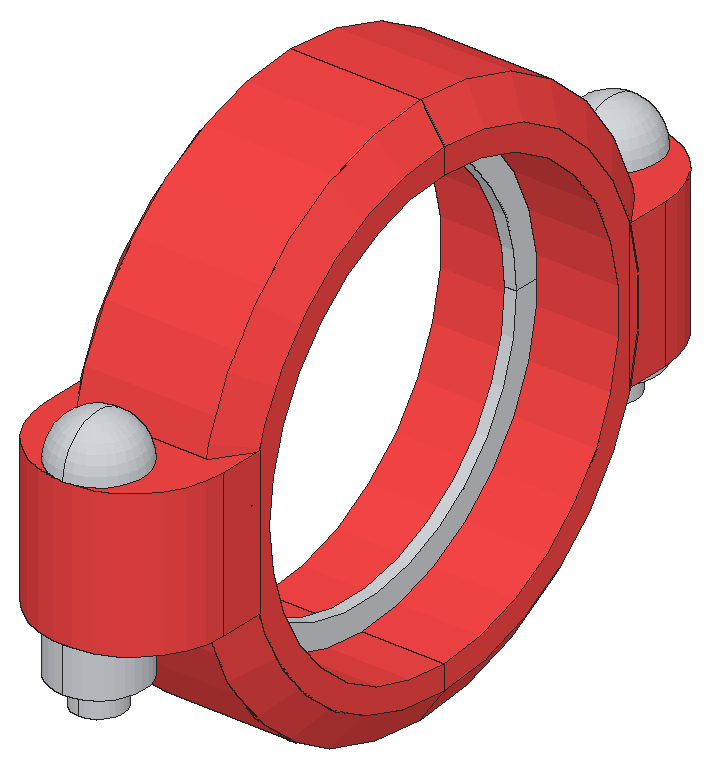
Revit family "G-Fire_Coupling_Grv_Fig.577_Imperial", category Pipe Fittings, Revit 2018
Family settings
  Round Connector Dimension = Use Radius
  Part Type = Flange
  OmniClass Number = 23.60.30.11.14
  OmniClass Title = Pipework Fittings
  Work Plane-Based = No
  Always vertical = Yes
  Cut with Voids When Loaded = No
  Shared = Yes
Parameters (values of type "G-Fire_Coupling_Grv_Fig.577_Red3000")
  URL = "www.tyco-fire.com"
  Technical Data Sheet No = "TFP1854"
  Tag Number [instance] = ""
  Symbol Length [instance] = Pipe NR / 4  # 0' - 0 1/2"
  Symbol Height [instance] = Pipe ND / 2  # 0' - 2"
  Product Name = "G-FIRE Figure 577\r\nG-FIRE Figure 577\r\nGrooved Rigid Coupling"
  Pipe OR [instance] = Pipe OD / 2  # 0' - 2 1/4"
  Pipe OD [instance] = size_lookup(Lookup Table Name, "OD", Pipe ND + 0' 0.12598", Pipe ND)  # 0' - 4 1/2"
  Pipe NR [instance] = Pipe ND / 2  # 0' - 2"
  Pipe ND [instance] = 0' - 4"
  PartNumber [instance] = size_lookup(Lookup Table Name, "", "NA", Pipe ND, GValue)  # "577-04"
  PNS [instance] = if(Tri_Seal, 0' 0.01969", 0' 0")  # 0' - 0"
  PNE [instance] = if(GasketGradeE, 0' 0", 0' 0")  # 0' - 0"
  Model = "Fig.577"
  Meterial = Ductile iron ASTM A536
  Finish = Tyco - Red RAL3000
  End Gap [instance] = 0' - 0 1/8"
  Manufacturer = "Tyco"
  Loss Method = Not Defined
  Lookup Table Name = "Coupling-Tyco-577"
  Insertion Point [instance] = 0' - 0"
  Inner Radius [instance] = A / 2 - 0' 0 5/8"  # 0' - 2.225"
  HaftC [instance] = C / 2  # 0' - 0.915"
  Tri_Seal [instance] = no
  GasketGradeE [instance] = yes
  GValue [instance] = PNE + PNS  # 0' - 0"
  Fitting Size [instance] = if(and(Pipe ND = 0' 0.98425"), "25", if(and(Pipe ND = 0' 1.25984"), "32", if(and(Pipe ND = 0' 1.5748"), "40", if(and(Pipe ND = 0' 1.9685"), "50", if(and(Pipe ND = 0' 2.55906"), "65", if(and(Pipe ND = 0' 3.14961"), "80", if(and(Pipe ND = 0' 3.93701"), "100", if(and(Pipe ND = 0' 4.92126"), "125", if(and(Pipe ND = 0' 5.90551"), "150", if(and(Pipe ND = 0' 7.87402"), "200", if(and(Pipe ND = 0' 9.84252"), "250", if(and(Pipe ND = 0' 11.81102"), "300", if(and(Pipe ND = 0' 1"), "1", if(and(Pipe ND = 0' 1.25197"), "1.25", if(and(Pipe ND = 0' 1 1/2"), "1.5", if(and(Pipe ND = 0' 2"), "2", if(and(Pipe ND = 0' 2 1/2"), "2.5", if(and(Pipe ND = 0' 3"), "3", if(and(Pipe ND = 0' 4"), "4", if(and(Pipe ND = 0' 5"), "5", if(and(Pipe ND = 0' 6"), "6", if(and(Pipe ND = 0' 8"), "8", if(and(Pipe ND = 0' 10"), "10", if(and(Pipe ND = 1' 0"), "12", "NA"))))))))))))))))))))))))  # "4"
  Fitting Description [instance] = "Rigid Coupling"
  Description = "Grooved Rigid Coupling"
  Coating = Tyco - Red RAL3000
  INC [instance] = Insertion Point - (C / 2)  # -0' - 0.915"
  COBie.Type.WarrantyGuarantorParts = "http://tycofsbp.com/TFPPTerms_of_Sale/TFPPTerms_of_Sale.pdf"
  COBie.Type.WarrantyGuarantorLabor = "n/a"
  COBie.Type.WarrantyDurationUnit = "year"
  COBie.Type.WarrantyDurationParts = "n/a"
  COBie.Type.WarrantyDurationLabor = "n/a"
  COBie.Type.WarrantyDescription = "n/a"
  COBie.Type.SustainabilityPerformance = "n/a"
  COBie.Type.Size [instance] = Fitting Size  # "4"
  COBie.Type.Shape = "n/a"
  COBie.Type.ReplacementCost = 0
  COBie.Type.NominalWidth = 0' - 0"
  COBie.Type.NominalLength = 0' - 0"
  COBie.Type.NominalHeight = 0' - 0"
  COBie.Type.ModelReference = "Grv Coupling (Gpf)"
  COBie.Type.ModelNumber [instance] = PartNumber  # "577-04"
  COBie.Type.Material = "Ductile Iron"
  COBie.Type.Manufacturer = "Tyco Fire Protection Products"
  COBie.Type.Grade = "n/a"
  COBie.Type.Finish = "n/a"
  COBie.Type.Features = "n/a"
  COBie.Type.ExpectedLife = "n/a"
  COBie.Type.DurationUnit = "year"
  COBie.Type.Constituents = "n/a"
  COBie.Type.Colour = "n/a"
  COBie.Type.CodePerformance = "n/a"
  COBie.Type.Category = "Pr_65_52_63_11:Fittings"
  COBie.Type.AssetType = "Fixed"
  COBie.Type.AccessibilityPerformance = "n/a"
  COBie.Type = yes
  COBie.CreatedOn [instance] = ""
  COBie.CreatedBy [instance] = "Johnsnow Controls RFA Builder v5.1.7.75"
  COBie.Component.WarrantyStartDate [instance] = "1900-12-31T23:59:59"
  COBie.Component.TagNumber [instance] = "n/a"
  COBie.Component.SerialNumber [instance] = "n/a"
  COBie.Component.Name [instance] = "Fittings:Grooved Coupling"
  COBie.Component.InstallationDate [instance] = "1900-12-31T23:59:59"
  COBie.Component.Description [instance] = "Grv Coupling (Gpf)"
  COBie.Component.BarCode [instance] = "n/a"
  COBie.Component.AssetIdentifier [instance] = "n/a"
  COBie = yes
  C [instance] = size_lookup(Lookup Table Name, "C", 0' 2 1/2", Pipe ND)  # 0' - 1.83"
  BoltType = yes
  BoltDepth2 [instance] = if(and(Pipe ND = 0' 1.9685"), 0' 3.62598", if(and(Pipe ND = 0' 2.55906"), 0' 3.62598", if(and(Pipe ND = 0' 3.14961"), 0' 3.62598", if(and(Pipe ND = 0' 3.93701"), 0' 3.62598", if(and(Pipe ND = 0' 4.92126"), 0' 4 1/2", if(and(Pipe ND = 0' 5.90551"), 0' 4 1/2", if(and(Pipe ND = 0' 7.87402"), 0' 4 1/2", if(and(Pipe ND = 0' 2"), 0' 3.62598", if(and(Pipe ND = 0' 2 1/2"), 0' 3.62598", if(and(Pipe ND = 0' 3"), 0' 3.62598", if(and(Pipe ND = 0' 4"), 0' 3.62598", if(and(Pipe ND = 0' 5"), 0' 4 1/2", if(and(Pipe ND = 0' 6"), 0' 4 1/2", if(and(Pipe ND = 0' 8"), 0' 4 1/2", BoltDepth1))))))))))))))  # 0' - 3.62598"
  BoltDepth1 [instance] = if(and(Pipe ND = 0' 0.98425"), 0' 2.25197", if(and(Pipe ND = 0' 1.25984"), 0' 2.25197", if(and(Pipe ND = 0' 1.5748"), 0' 2.25197", if(and(Pipe ND = 0' 1.9685"), 0' 2.25197", if(and(Pipe ND = 0' 2.55906"), 0' 2.25197", if(and(Pipe ND = 0' 3.14961"), 0' 2.25197", if(and(Pipe ND = 0' 3.93701"), 0' 2.25197", if(and(Pipe ND = 0' 4.92126"), 0' 3.25197", if(and(Pipe ND = 0' 5.90551"), 0' 3.25197", if(and(Pipe ND = 0' 7.87402"), 0' 4", if(and(Pipe ND = 0' 9.84252"), 0' 6 1/2", if(and(Pipe ND = 0' 11.81102"), 0' 6 1/2", if(and(Pipe ND = 1' 1.77953"), 0' 5 1/2", if(and(Pipe ND = 1' 3.74803"), 0' 5 1/2", if(and(Pipe ND = 1' 5.71654"), 0' 5 1/2", if(and(Pipe ND = 1' 7.68504"), 0' 5.75197", if(and(Pipe ND = 1' 11.62205"), 0' 5.75197", if(and(Pipe ND = 0' 1"), 0' 2.25197", if(and(Pipe ND = 0' 1.25197"), 0' 2.25197", if(and(Pipe ND = 0' 1 1/2"), 0' 2.25197", if(and(Pipe ND = 0' 2"), 0' 2.25197", if(and(Pipe ND = 0' 2 1/2"), 0' 2.25197", if(and(Pipe ND = 0' 3"), 0' 2.25197", if(and(Pipe ND = 0' 4"), 0' 2.25197", if(and(Pipe ND = 0' 5"), 0' 3.25197", if(and(Pipe ND = 0' 6"), 0' 3.25197", if(and(Pipe ND = 0' 8"), 0' 4", if(and(Pipe ND = 0' 10"), 0' 6 1/2", if(and(Pipe ND = 1' 0"), 0' 6 1/2", if(and(Pipe ND = 1' 2"), 0' 5 1/2", if(and(Pipe ND = 1' 4"), 0' 5 1/2", if(and(Pipe ND = 1' 6"), 0' 5 1/2", if(and(Pipe ND = 1' 8"), 0' 5.75197", if(and(Pipe ND = 2' 0"), 0' 5.75197", 0' 6"))))))))))))))))))))))))))))))))))  # 0' - 2.25197"
  Bolt Radius [instance] = if(Pipe ND > 1' 5.71654", 0' 0.56299", if(Pipe ND > 0' 11.81102", 0' 0 1/2", if(Pipe ND > 0' 7.87402", 0' 0.37402", if(Pipe ND > 0' 5.90551", 0' 0.27165", if(Pipe ND > 0' 3.93701", 0' 0.25197", if(Pipe ND > 0' 0.7874", 0' 0.18898", 0' 0 1/2"))))))  # 0' - 0.25197"
  Bolt Pad Depth [instance] = if(and(Pipe ND = 0' 1 1/4"), 0' 1 1/2", if(and(Pipe ND = 0' 1 67/256"), 0' 1 1/2", if(and(Pipe ND = 0' 1 147/256"), 0' 1 1/2", if(and(Pipe ND = 0' 1 31/32"), 0' 1 1/2", if(and(Pipe ND = 0' 2 143/256"), 0' 1 1/2", if(and(Pipe ND = 0' 3 19/128"), 0' 1 1/2", if(and(Pipe ND = 0' 3 15/16"), 0' 1 1/2", if(and(Pipe ND = 0' 4 59/64"), 0' 1 193/256", if(and(Pipe ND = 0' 5 29/32"), 0' 2", if(and(Pipe ND = 0' 7 7/8"), 0' 2", if(and(Pipe ND = 0' 9 27/32"), 0' 3", if(and(Pipe ND = 0' 11 13/16"), 0' 3", if(and(Pipe ND = 1' 1 25/32"), 0' 3", if(and(Pipe ND = 0' 1"), 0' 1 1/2", if(and(Pipe ND = 0' 1 65/256"), 0' 1 1/2", if(and(Pipe ND = 0' 1 1/2"), 0' 1 1/2", if(and(Pipe ND = 0' 2"), 0' 1 1/2", if(and(Pipe ND = 0' 2 1/2"), 0' 1 1/2", if(and(Pipe ND = 0' 3"), 0' 1 1/2", if(and(Pipe ND = 0' 4"), 0' 1 1/2", if(and(Pipe ND = 0' 5"), 0' 1 193/256", if(and(Pipe ND = 0' 6"), 0' 2", if(and(Pipe ND = 0' 8"), 0' 3", if(and(Pipe ND = 0' 10"), 0' 3", if(and(Pipe ND = 1' 0"), 0' 3", if(and(Pipe ND = 1' 2"), 0' 3", 0' 4 1/2"))))))))))))))))))))))))))  # 0' - 1 1/2"
  Bolt L [instance] = size_lookup(Lookup Table Name, "Bolt", 0' 5.94488", Pipe ND)  # 0' - 2.24409"
  Bolt Depth [instance] = if(BoltType, BoltDepth1, BoltDepth2)  # 0' - 2.25197"
  B [instance] = size_lookup(Lookup Table Name, "B", Pipe ND + 0' 4", Pipe ND)  # 0' - 7 1/2"
  Assembly Code = ""
  A/2 [instance] = A / 2  # 0' - 2.85"
  A [instance] = size_lookup(Lookup Table Name, "A", Pipe ND + 0' 1 1/2", Pipe ND)  # 0' - 5.7"
Types (3): name | Finish | GasketGradeE | Coating
  G-Fire_Coupling_Grv_Fig.577_Red3000 | Tyco - Red RAL3000 | yes | Tyco - Red RAL3000
  G-Fire_Coupling_Grv_Fig.577_Galvanized | Tyco - Galvanized | yes | Tyco - Galvanized
  G-Fire_Coupling_Grv_Fig.577_Orange | Tyco - Orange Paint | no | Tyco - Orange Paint
Reference planes (in)
  plane 1 "Center (Front/Back)": y = 0
  plane 2: z = 0
  plane 3 "Center (Left/Right)": x = 35.96875
  plane 4: y = 1
  plane 5: y = -1
  plane 6: z = 2.85
  plane 7: z = 2.25
  plane 8: x = 35.05375
  plane 9: x = 36.88375
  plane 10: z = 2.375
  plane 11: x = 35.30375
  plane 12: x = 36.63375
  plane 13: z = 2.5
  plane 14: x = 35.90625
  plane 15: x = 36.03125
  plane 16: y = 2
Forms (in)
  Revolve 1, solid, material "Tyco - Red RAL3000" <- "Finish", detail levels fine
    sketch origin (0, 0, 0) x (1, 0, 0) y (0, 0, 1)
      loop
        line (35.05375, 2.25) -> (36.88375, 2.25) -> (36.88375, 2.5) -> (36.63804, 2.85) -> (35.30375, 2.85) -> (35.05375, 2.5) -> (35.05375, 2.25)
      axis (35.05375, 0) -> (36.88375, 0)
    angle from 0 to 360
  Revolve 2, void
    sketch origin (0, 0, 0) x (1, 0, 0) y (0, 0, 1)
      loop
        line (35.30375, 2.375) -> (35.30375, 2.25) -> (36.63375, 2.25) -> (36.63375, 2.375) -> (35.30375, 2.375)
      axis (35.30375, 0) -> (36.63375, 0)
    angle from 0 to 360
  Revolve 3, solid, detail levels fine
    sketch origin (0, 0, 0) x (1, 0, 0) y (0, 1, 0)
      loop
        line (35.90625, 2) -> (36.03125, 2) -> (36.03125, 2.375) -> (35.90625, 2.375) -> (35.90625, 2)
      axis (36.03125, 0) -> (35.90625, 0)
    angle from 0 to 360
Dimensions and locks (in)
  equal spacing: plane 4, plane 1 "Center (Front/Back)", plane 5
  "Symbol Height": plane 4 to plane 5
  "A/2": plane 6 to level
  "Pipe OR": plane 7 to level
  "C": plane 9 to plane 8
  locked: plane 11 to plane 8 at 0.25
  locked: plane 9 to plane 12 at 0.25
  locked: plane 13 to plane 10 at 0.125
  equal spacing: plane 14, plane 3 "Center (Left/Right)", plane 15
  "End Gap": plane 14 to plane 15
  "Pipe NR": plane 1 "Center (Front/Back)" to plane 16
  "HaftC": plane 3 "Center (Left/Right)" to plane 8
  locked: plane 10 to plane 7 at 0.125
  nested 1 to nested 1 = 0' - 2.24409"
  aligned and locked: Revolve 1 sketch curve to plane 6  (x2)
  aligned and locked: plane 9 to Revolve 1 sketch curve
  aligned and locked: Revolve 1 sketch curve to plane 8
  aligned and locked: Revolve 1 sketch curve to plane 13
  aligned and locked: Revolve 1 sketch curve to plane 2
  aligned and locked: Revolve 2 sketch curve to plane 10
  aligned and locked: Revolve 2 sketch curve to plane 7
  aligned and locked: plane 11 to Revolve 2 sketch curve
  aligned and locked: Revolve 2 sketch curve to plane 12
  aligned and locked: Revolve 2 sketch curve to level
  aligned and locked: level to nested 1
  aligned and locked: nested 1 to plane 1 "Center (Front/Back)"
  aligned and locked: nested 2 to level
  aligned and locked: nested 2 to plane 1 "Center (Front/Back)"
  aligned and locked: plane 16 to Revolve 3 sketch curve
  aligned and locked: plane 15 to Revolve 3 sketch curve
  aligned and locked: Revolve 3 sketch curve to plane 14
  aligned and locked: Revolve 3 sketch curve to nested 1
  aligned and locked: Revolve 3 sketch curve to plane 1 "Center (Front/Back)"
Automatic sketch dimensions
  Revolve 2 sketch curve to plane 9 = 5' - 3.91182"
  Revolve 2 sketch curve to plane 8 = 7' - 10.92259"
  Revolve 3 sketch curve to plane 8 = 7' - 10 129/256"
  Revolve 3 sketch curve to plane 9 = 1' - 10 145/256"
  Revolve 1 sketch curve to plane 11 = 0' - 0"
  Revolve 1 sketch curve to plane 7 = 0' - 0"
  Revolve 1 sketch curve to plane 13 = 0' - 0"
  plane 12 to Revolve 1 sketch curve = 0' - 0.00429"
  Revolve 1 sketch curve to plane 8 = 7' - 10 129/256"
  Revolve 1 sketch curve to plane 9 = 5' - 3.91182"
Nested families (in)
  nested 1: "Coupling_Bolt_Pad" at (49.81388, 12.03125, 0) x (0, 1, 0) z (0, 0, 1), Point <- "Insertion Point", Pipe OD <- "Pipe OD", Pipe ND <- "Pipe ND", C <- "C", Bolt Pad Depth <- "Bolt Pad Depth", Bolt Depth <- "BoltDepth1", B <- "B", A <- "A", Bolt Size <- "Bolt Radius", Coating <- "Finish", Bolt L <- "Bolt L", type "772-Rigid Coupling", detail levels fine
    with X2 0' - 3 3/4", X 0' - 1 3/8", Symbol Length 0' - 0 1/2", Symbol Height 0' - 2", Point 0' - 0", Pipe OR 0' - 2 1/4", Pipe OD 0' - 4 1/2", Pipe NR 0' - 2", Pipe ND 0' - 4", PADX2 0' - 2.275", PADX1 0' - 1 3/8", PADX 0' - 2 3/8", PAD1 0' - 1.50197", PAD 0' - 0 3/4", NandBY1 0' - 0.4575", Max End Gap 0' - 0 1/8", Insertion Point 0' - 2 3/8", Inner Radius 0' - 2.225", HaftC 0' - 0.915", Coating Tyco - Red RAL3000, C 0' - 1.83", Bolt Size 0' - 0.25197", Bolt Pad Depth 0' - 1 1/2", Bolt L 0' - 2.24409", Bolt Depth 0' - 2.25197", B 0' - 7 1/2", A/2 0' - 2.85", A 0' - 5.7"
  nested 2: "Coupling_Bolt_Pad" at (49.81388, -12.03125, 0) x (0, -1, 0) z (0, 0, 1), Point <- "Insertion Point", Pipe OD <- "Pipe OD", Pipe ND <- "Pipe ND", C <- "C", Bolt Pad Depth <- "Bolt Pad Depth", Bolt Depth <- "Bolt Depth", B <- "B", A <- "A", Bolt Size <- "Bolt Radius", Coating <- "Finish", Bolt L <- "Bolt L", type "772-Rigid Coupling", detail levels fine
    with X2 0' - 3 3/4", X 0' - 1 3/8", Symbol Length 0' - 0 1/2", Symbol Height 0' - 2", Point 0' - 0", Pipe OR 0' - 2 1/4", Pipe OD 0' - 4 1/2", Pipe NR 0' - 2", Pipe ND 0' - 4", PADX2 0' - 2.275", PADX1 0' - 1 3/8", PADX 0' - 2 3/8", PAD1 0' - 1.50197", PAD 0' - 0 3/4", NandBY1 0' - 0.4575", Max End Gap 0' - 0 1/8", Insertion Point 0' - 2 3/8", Inner Radius 0' - 2.225", HaftC 0' - 0.915", Coating Tyco - Red RAL3000, C 0' - 1.83", Bolt Size 0' - 0.25197", Bolt Pad Depth 0' - 1 1/2", Bolt L 0' - 2.24409", Bolt Depth 0' - 2.25197", B 0' - 7 1/2", A/2 0' - 2.85", A 0' - 5.7"
  nested 3: "Symbol" at (35.96875, 0, 0), Nominal Radius <- "Pipe OR", type "Standard"
    with Tick Size 46.99 mm, Nominal Radius 57.15 mm, Nominal Diameter 114.3 mm, Length 58.738 mm, Fitting Outside Radius 58.738 mm, Fitting Outside Diameter 117.475 mm
Connectors (in)
  piping at (36.03125, 0, 0), diameter 4, driven by "Pipe NR"
    settings: on Revolve 3, index 1, connector inside diameter 304.8 mm, connector length 0' - 0", flow factor 0, pipe flow 0 GPM, pressure drop 0.00 psi, fitting loss kfactor 0, connector angle 0.00°, fixture units 0, engagement length 0' - 0", angle of deflection 0.00°, flow configuration 0, flow direction 0, fitting loss method 0, system type 28, joint type 0, gender type 0, connector reference index -1, connector utility 0, adjustable connector no, is connector primary yes, connector description ""
  piping at (35.90625, 0, 0), diameter 4, driven by "Pipe NR"
    settings: on Revolve 3, index 2, connector inside diameter 304.8 mm, connector length 0' - 0", flow factor 0, pipe flow 0 GPM, pressure drop 0.00 psi, fitting loss kfactor 0, connector angle 0.00°, fixture units 0, engagement length 0' - 0", angle of deflection 0.00°, flow configuration 0, flow direction 0, fitting loss method 0, system type 28, joint type 0, gender type 0, connector reference index -1, connector utility 0, adjustable connector no, is connector primary no, connector description ""
Definition of nested family "Coupling_Bolt_Pad"
  Parameters (values of type "Coupling_Pad")
    X2 [instance] = Insertion Point + X  # 0' - 11 41/128"
    X [instance] = PADX1  # 0' - 3 25/128"
    URL = ""
    Symbol Length [instance] = Pipe NR / 4  # 0' - 2"
    Symbol Height [instance] = Pipe ND / 2  # 0' - 8"
    Point [instance] = 1' - 0"
    Pipe OR [instance] = Pipe OD / 2  # 0' - 8"
    Pipe OD [instance] = 1' - 4"
    Pipe NR [instance] = Pipe ND / 2  # 0' - 8"
    Pipe ND [instance] = 1' - 4"
    PADX2 [instance] = B - (PADX + A / 2)  # 0' - 5 17/64"
    PADX1 [instance] = (B / 2) - PADX  # 0' - 3 25/128"
    PADX [instance] = Pipe OR + 0' 0 1/8"  # 0' - 8 1/8"
    PAD1 [instance] = Bolt Depth - PAD  # 0' - 3 1/4"
    PAD [instance] = Bolt Pad Depth / 2  # 0' - 2 1/4"
    NandBY1 [instance] = HaftC / 2  # 0' - 0.73242"
    Model = ""
    Max End Gap [instance] = 0' - 0 1/8"
    Manufacturer = ""
    Loss Method = (empty or 0)
    Insertion Point [instance] = PADX  # 0' - 8 1/8"
    Inner Radius [instance] = A / 2 - 0' 0 5/8"  # 0' - 8 5/8"
    HaftC [instance] = C / 2  # 0' - 1 119/256"
    Gasket Type = none
    Description = ""
    Coating [instance] = none
    C [instance] = 0' - 2 119/128"
    Bolt Size [instance] = 0' - 0.53242"
    Bolt Pad Depth [instance] = 0' - 4 1/2"
    Bolt L [instance] = 0' - 7.87402"
    Bolt Depth [instance] = 0' - 5 1/2"
    B [instance] = 1' - 10 41/64"
    Assembly Code = ""
    A/2 [instance] = A / 2  # 0' - 9 1/4"
    A [instance] = 1' - 6 1/2"
  Types (2): name | URL | Model | Manufacturer | Description | Bolt L
    Coupling_Pad | "" | "" | "" | "" | 0' - 7.87402"
    772-Rigid Coupling | "www.grinnell.com" | "Rigid Coupling" | "Tyco" | "Rigid Coupling" | 0' - 9.52211"
  Reference planes (in)
    plane 1 "Center (Front/Back)": y = 1.84513
    plane 2: z = 0
    plane 3 "Center (Left/Right)": x = -3.90625
    plane 4: x = -12.03125
    plane 5: y = 3.30997
    plane 6: y = 0.38028
    plane 7: x = -0.71094
    plane 8: x = -2.17578
    plane 9: z = 2.25
    plane 10: z = -2.25
    plane 11: x = -1.44336
    plane 12: z = 2.98242
    plane 13: x = -0.91094
    plane 14: y = 13.84513
    plane 15: x = -1.44336
    plane 16: z = -5.62402
  Forms (in)
    Extrusion 1, solid, material <- "Coating", detail levels fine
      sketch origin (0, 0, 0) x (1, 0, 0) y (0, 1, 0)
        loop
          arc (-2.17578, 0.38028) -> (-0.71094, 1.84513) -> (-2.17578, 3.30997) r 1.46484
          line (-2.17578, 3.30997) -> (-3.90625, 3.30997) -> (-3.90625, 0.38028) -> (-2.17578, 0.38028)
      from -2.25 to 2.25
    Revolve 2, solid, detail levels fine
      sketch origin (0, 1.84513, 0) x (1, 0, 0) y (0, 0, 1)
        loop
          arc (-0.71094, 2.25) -> (-0.92546, 2.7679) -> (-1.44336, 2.98242) r 0.73242
          line (-1.44336, 2.98242) -> (-1.44336, 2.25) -> (-0.71094, 2.25)
        loop
          line (-1.44336, -2.25) -> (-1.44336, -2.98242) -> (-0.71094, -2.98242) -> (-0.71094, -2.25) -> (-1.44336, -2.25)
        axis (-1.44336, 2.98242) -> (-1.44336, -2.98242)
      angle from 0 to 360
    Extrusion 3, solid, detail levels fine
      sketch origin (0, 0, 0) x (1, 0, 0) y (0, 1, 0)
        loop
          circle (-1.44336, 1.84513) r 0.53242
      from -5.62402 to 2.25
  Lines and regions (in)
    reference lines, not visible
      curve 1: line (-12.03125, 1.84513, 0) -> (-3.90625, 1.84513, 0)
  Dimensions and locks (in)
    "Insertion Point": plane 4 to plane 3 "Center (Left/Right)"
    "C": plane 5 to plane 6
    "HaftC": plane 5 to plane 1 "Center (Front/Back)"
    "X2": plane 4 to plane 7
    "HaftC": plane 8 to plane 7
    "Bolt Pad Depth": plane 9 to plane 10
    equal spacing: plane 7, plane 11, plane 8
    "NandBY1": plane 12 to plane 9
    locked: plane 7 to plane 13 at 0.2
    "PAD": plane 9 to level
    "NandBY1": plane 10 to Revolve 2 sketch curve
    "Point": plane 14 to plane 1 "Center (Front/Back)"
    equal spacing: plane 7, plane 15, plane 8
    "Bolt L": plane 16 to plane 9
    "Bolt Size": radius of Extrusion 3 sketch curve
    aligned and locked: plane 3 "Center (Left/Right)" to curve 1
    aligned and locked: plane 4 to curve 1
    aligned and locked: plane 8 to Extrusion 1 sketch curve  (x2)
    aligned and locked: Extrusion 1 sketch curve to plane 6
    aligned and locked: Extrusion 1 sketch curve to plane 5
    aligned and locked: plane 3 "Center (Left/Right)" to Extrusion 1 sketch curve
    aligned and locked: Extrusion 1 to plane 10
    aligned and locked: plane 9 to Extrusion 1
    aligned and locked: plane 10 to Revolve 2 sketch curve
    aligned and locked: plane 9 to Revolve 2 sketch curve
    aligned and locked: Revolve 2 sketch curve to plane 7
    aligned and locked: plane 11 to Revolve 2 sketch curve
    aligned and locked: plane 12 to Revolve 2 sketch curve
    aligned and locked: Revolve 2 sketch curve to plane 11
    aligned and locked: Revolve 2 sketch curve to plane 15
    aligned and locked: plane 1 "Center (Front/Back)" to Extrusion 3 sketch curve
    aligned and locked: plane 11 to Extrusion 3 sketch curve
    aligned and locked: plane 9 to Extrusion 3
    aligned and locked: Extrusion 3 to plane 16
  Automatic sketch dimensions
    plane 1 "Center (Front/Back)" to curve 1 = 0' - 0"
    Revolve 2 sketch curve to Revolve 2 sketch curve = 0' - 4.94368"
    Revolve 2 sketch curve to plane 16 = 0' - 4.02211"
Definition of nested family "Symbol"
  Parameters (values of type "Standard")
    Tick Size [instance] = Fitting Outside Diameter * 0.4  # 11.43 mm
    Nominal Radius [instance] = 12.5 mm
    Nominal Diameter [instance] = Nominal Radius * 2  # 25 mm
    Loss Method = 1
    Lookup Table Name = "M_Pipe Fitting - Generic"
    Length [instance] = Fitting Outside Radius  # 14.288 mm
    K Coefficient Table = "Reducer/Coupling/Union/Increaser"
    Fitting Outside Radius [instance] = Fitting Outside Diameter / 2  # 14.288 mm
    Fitting Outside Diameter [instance] = size_lookup(Lookup Table Name, "FOD", Nominal Diameter + 0' 0 1/8", Nominal Diameter)  # 28.575 mm
  Reference planes (in)
    plane 1 "Center (Front/Back)": y = 0
    plane 2: z = 0
    plane 3 "Center (Left/Right)": x = 0
    plane 4: x = -0.28125
    plane 5: x = 0.28125
    plane 6: y = 0.45
    plane 7: y = -0.45
  Forms (in)
    Extrusion 1, void
      sketch origin (0, 0, 0) x (0, 1, 0) y (0, 0, 1)
        loop
          circle (0, 0) r 0.5625
      from -0.28125 to 0.28125
  Lines and regions (in)
    model lines, detail levels coarse+medium
      curve 1: line (-0.28125, 0, 0) -> (0.28125, 0, 0)
      curve 2: line (-0.28125, 0.45, 0) -> (-0.28125, -0.45, 0)
      curve 3: line (0.28125, 0.45, 0) -> (0.28125, -0.45, 0)
  Dimensions and locks (in)
    equal spacing: plane 4, plane 3 "Center (Left/Right)", plane 5
    "Length": plane 4 to plane 5
    "Tick Size": plane 6 to plane 1 "Center (Front/Back)"
    "Tick Size": plane 7 to plane 1 "Center (Front/Back)"
    "Fitting Outside Radius": radius of Extrusion 1 sketch curve
    aligned and locked: plane 2 to Extrusion 1 sketch curve
    aligned and locked: plane 1 "Center (Front/Back)" to Extrusion 1 sketch curve
    aligned and locked: Extrusion 1 to plane 4
    aligned and locked: Extrusion 1 to plane 5
    aligned and locked: plane 6 to curve 2
    aligned and locked: plane 7 to curve 2
    aligned and locked: curve 2 to plane 4
    aligned and locked: plane 6 to curve 3
    aligned and locked: plane 7 to curve 3
    aligned and locked: plane 5 to curve 3
    aligned and locked: plane 4 to curve 1
    aligned and locked: plane 5 to curve 1
    aligned and locked: plane 1 "Center (Front/Back)" to curve 1
  Connectors (in)
    piping at (-0.28125, 0, 0), diameter 0.98425, driven by "Nominal Radius"
      settings: on Extrusion 1, index 1, connector inside diameter 25 mm, connector length 0' - 0", flow factor 0, pipe flow 0 GPM, pressure drop 0.00 psi, fitting loss kfactor 0, connector angle 0.00°, fixture units 0, engagement length 0' - 0", angle of deflection 0.00°, flow configuration 0, flow direction 0, fitting loss method 0, system type 28, joint type 0, gender type 0, connector reference index 2, connector utility 0, adjustable connector no, is connector primary yes, connector description ""
    piping at (0.28125, 0, 0), diameter 0.98425, driven by "Nominal Radius"
      settings: on Extrusion 1, index 2, connector inside diameter 25 mm, connector length 0' - 0", flow factor 0, pipe flow 0 GPM, pressure drop 0.00 psi, fitting loss kfactor 0, connector angle 0.00°, fixture units 0, engagement length 0' - 0", angle of deflection 0.00°, flow configuration 0, flow direction 0, fitting loss method 0, system type 28, joint type 0, gender type 0, connector reference index 1, connector utility 0, adjustable connector no, is connector primary no, connector description ""
